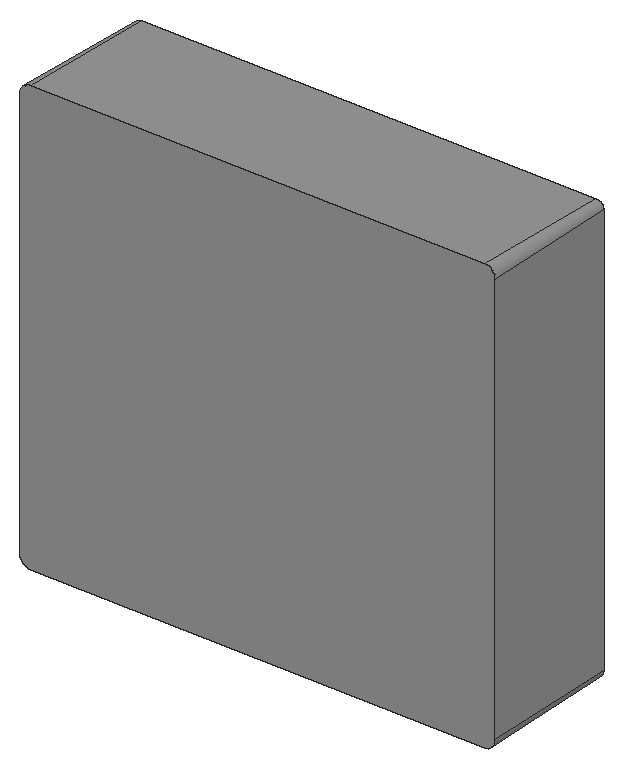
Revit family "L&L_LUCE&LIGHT_PASITO_1.2", category Lighting Fixtures, host Wall, Revit 2018 (continued)
Types (2, lengths in mm): name | Photometric Web File | built-in parameter 1150142
    12.66 12.30 11.96 11.66 \r\n11.42 11.19 10.93 10.66 10.39 10.15 9.90 9.64 9.39 9.12 \r\n8.84 8.63 8.36 8.10 7.84 7.61 7.36 7.09 6.87 6.63 6.40 \r\n6.17 5.94 5.69 5.46 5.24 5.00 4.79 4.58 4.37 4.17 3.96 \r\n3.75 3.56 3.38 3.19 3.01 2.83 2.65 2.46 2.27 2.11 1.95 \r\n1.80 1.64 1.50 1.34 1.19 1.06 0.92 0.77 0.64 0.52 0.39 \r\n0.27 0.16 0.07 0.02 \r\n0.07 0.10 0.45 1.13 1.65 2.11 3.16 4.92 7.07 9.75 12.92 \r\n16.95 21.72 27.49 34.75 42.94 52.75 63.21 72.53 79.69 \r\n84.99 88.79 92.43 96.40 100.11 103.94 107.86 111.52 \r\n115.13 118.94 122.31 125.80 129.37 132.67 136.04 138.91 \r\n141.84 144.85 147.40 149.56 151.93 154.03 155.70 157.36 \r\n159.01 160.37 161.51 162.53 163.43 164.07 164.51 164.72 \r\n164.72 164.50 164.14 163.61 162.85 161.86 160.70 159.24 \r\n157.54 155.69 153.57 151.11 148.33 145.25 141.83 138.09 \r\n133.92 129.34 124.34 118.89 113.02 106.85 100.40 93.81 \r\n87.25 80.83 74.67 68.94 63.70 58.94 54.67 50.85 47.48 \r\n44.48 41.80 39.41 37.28 35.37 33.65 32.09 30.67 29.35 \r\n28.11 26.95 25.85 24.82 23.87 23.00 22.19 21.45 20.75 \r\n20.10 19.51 18.96 18.46 17.99 17.53 17.11 16.74 16.39 \r\n16.04 15.72 15.42 15.13 14.84 14.50 14.07 13.61 13.20 \r\n12.81 12.45 12.13 11.85 11.62 11.36 11.07 10.80 10.53 \r\n10.29 10.06 9.74 9.47 9.21 8.94 8.70 8.37 8.14 7.89 7.61 \r\n7.36 7.10 6.85 6.62 6.37 6.10 5.89 5.64 5.37 5.12 4.92 \r\n4.69 4.44 4.23 4.04 3.82 3.61 3.42 3.20 3.01 2.84 2.65 \r\n2.45 2.26 2.09 1.92 1.76 1.60 1.43 1.27 1.12 0.97 0.81 \r\n0.67 0.54 0.41 0.28 0.17 0.07 0.02 \r\n0.07 0.09 0.49 1.20 1.71 2.23 3.52 5.47 7.86 10.85 14.51 \r\n19.18 24.53 31.53 39.85 49.51 60.50 70.82 79.24 85.44 \r\n89.67 93.63 98.09 102.13 106.25 110.65 114.89 119.13 \r\n123.32 127.19 131.37 135.46 139.35 143.07 146.76 150.42 \r\n153.78 156.92 159.97 162.82 165.33 167.68 169.83 171.66 \r\n173.50 175.10 176.25 177.24 178.20 178.88 179.15 179.37 \r\n179.41 179.18 178.72 178.09 177.25 176.13 174.78 173.24 \r\n171.49 169.51 167.21 164.59 161.64 158.25 154.45 150.17 \r\n145.40 140.17 134.40 128.12 121.44 114.49 107.19 99.72 \r\n92.42 85.41 78.75 72.63 67.01 61.87 57.29 53.25 49.65 \r\n46.46 43.61 41.07 38.81 36.79 34.97 33.32 31.82 30.45 \r\n29.18 27.95 26.77 25.69 24.73 23.84 22.99 22.22 21.52 \r\n20.86 20.26 19.70 19.16 18.67 18.23 17.82 17.42 17.05 \r\n16.72 16.39 16.07 15.76 15.48 15.20 14.85 14.40 13.95 \r\n13.55 13.16 12.79 12.48 12.16 11.90 11.66 11.35 11.08 \r\n10.82 10.53 10.28 9.99 9.70 9.46 9.14 8.91 8.59 8.31 8.06 \r\n7.76 7.55 7.20 6.99 6.72 6.46 6.22 5.95 5.69 5.48 5.16 \r\n4.95 4.73 4.47 4.23 4.03 3.83 3.62 3.41 3.18 2.99 2.81 \r\n2.60 2.40 2.21 2.03 1.86 1.68 1.51 1.34 1.17 1.01 0.85 \r\n0.69 0.56 0.43 0.30 0.18 0.07 0.02 \r\n0.07 0.09 0.52 1.26 1.75 2.38 3.84 5.89 8.49 11.78 15.95 \r\n20.95 27.10 35.03 44.40 55.27 66.44 76.63 84.20 89.18 \r\n93.56 98.21 102.79 107.16 111.90 116.63 121.20 125.81 \r\n130.32 134.94 139.63 143.63 148.04 152.43 156.30 160.27 \r\n164.14 167.45 170.66 173.81 176.58 179.22 181.47 183.52 \r\n185.11 186.44 187.60 188.47 189.03 189.37 189.45 189.30 \r\n188.97 188.42 187.69 186.73 185.58 184.24 182.70 181.03 \r\n179.06 176.77 174.31 171.58 168.42 164.79 160.76 156.26 \r\n151.20 145.63 139.49 132.73 125.71 118.27 110.58 102.93 \r\n95.41 88.09 81.24 74.92 69.06 63.82 59.15 54.97 51.26 \r\n47.94 44.98 42.34 39.98 37.87 35.99 34.29 32.74 31.32 \r\n29.98 28.71 27.51 26.42 25.42 24.50 23.64 22.87 22.14 \r\n21.46 20.85 20.29 19.74 19.24 18.78 18.35 17.96 17.59 \r\n17.25 16.92 16.60 16.29 15.98 15.70 15.42 15.06 14.58 \r\n14.12 13.74 13.33 12.96 12.69 12.38 12.09 11.84 11.51 \r\n11.25 10.98 10.67 10.45 10.12 9.82 9.59 9.24 9.00 8.69 \r\n8.40 8.12 7.84 7.59 7.27 7.02 6.76 6.49 6.21 5.99 5.67 \r\n5.45 5.17 4.92 4.70 4.46 4.19 3.99 3.79 3.57 3.35 3.13 \r\n2.92 2.72 2.51 2.31 2.11 1.93 1.74 1.56 1.38 1.21 1.05 \r\n0.88 0.71 0.58 0.45 0.31 0.18 0.07 0.02 \r\n0.07 0.09 0.54 1.31 1.78 2.47 4.08 6.20 9.01 12.53 17.01 \r\n22.28 29.15 37.60 47.81 59.24 70.75 80.65 87.23 92.07 \r\n96.90 101.80 106.68 111.50 116.61 121.39 126.22 131.30 \r\n136.30 141.12 145.66 150.54 155.28 159.62 164.07 168.18 \r\n172.12 175.94 179.40 182.51 185.31 187.80 189.94 191.72 \r\n193.17 194.10 194.86 195.25 195.31 195.13 194.71 194.03 \r\n193.19 192.18 190.91 189.47 187.90 186.16 184.21 182.09 \r\n179.69 177.29 174.56 171.47 168.20 164.60 160.48 155.75 \r\n150.75 145.34 139.05 132.55 125.52 118.12 110.90 103.39 \r\n95.85 88.72 81.88 75.73 69.95 64.82 60.13 55.85 52.17 \r\n48.86 45.82 43.16 40.76 38.61 36.71 34.96 33.38 31.93 \r\n30.57 29.27 28.04 26.93 25.93 24.99 24.11 23.32 22.59 \r\n21.92 21.27 20.69 20.17 19.68 19.21 18.77 18.35 17.99 \r\n17.65 17.32 16.99 16.68 16.37 16.08 15.83 15.53 15.08 \r\n14.60 14.18 13.80 13.36 13.03 12.78 12.43 12.18 11.91 \r\n11.54 11.32 11.02 10.70 10.49 10.09 9.85 9.58 9.24 9.00 \r\n8.66 8.39 8.10 7.83 7.54 7.23 7.01 6.70 6.47 6.15 5.94 \r\n5.63 5.37 5.12 4.84 4.64 4.37 4.11 3.91 3.70 3.47 3.25 \r\n3.02 2.81 2.59 2.38 2.17 1.97 1.78 1.60 1.41 1.23 1.07 \r\n0.90 0.73 0.59 0.46 0.32 0.19 0.08 0.02 \r\n0.07 0.09 0.55 1.34 1.79 2.52 4.22 6.36 9.32 12.98 17.65 \r\n23.19 30.53 39.18 49.97 61.63 73.48 82.97 89.17 94.25 \r\n99.14 104.33 109.56 114.64 119.81 124.81 129.99 135.47 \r\n140.39 145.36 150.58 155.44 160.32 165.14 169.71 173.91 \r\n177.93 181.72 185.11 188.18 190.91 193.22 195.02 196.56 \r\n197.70 198.31 198.54 198.48 198.07 197.27 196.35 195.11 \r\n193.69 191.92 190.19 188.23 186.20 184.08 181.78 179.33 \r\n176.61 173.84 170.96 167.71 164.15 160.26 156.29 151.74 \r\n146.71 141.49 135.70 129.47 123.01 116.06 108.95 101.82 \r\n94.82 88.13 81.62 75.69 69.96 65.01 60.45 56.19 52.53 \r\n49.12 46.20 43.56 41.19 39.01 37.11 35.35 33.79 32.33 \r\n30.97 29.66 28.45 27.30 26.25 25.31 24.44 23.65 22.92 \r\n22.25 21.59 21.01 20.49 19.97 19.50 19.05 18.65 18.28 \r\n17.92 17.58 17.27 16.94 16.64 16.35 16.06 15.81 15.45 \r\n14.94 14.47 14.11 13.71 13.27 13.03 12.73 12.40 12.18 \r\n11.82 11.52 11.31 10.93 10.68 10.38 10.04 9.82 9.45 9.19 \r\n8.89 8.57 8.32 8.00 7.76 7.42 7.16 6.89 6.62 6.35 6.06 \r\n5.81 5.50 5.23 4.97 4.72 4.49 4.22 3.98 3.77 3.53 3.31 \r\n3.08 2.85 2.63 2.41 2.20 2.00 1.81 1.62 1.43 1.25 1.08 \r\n0.92 0.74 0.59 0.47 0.32 0.19 0.08 0.02 \r\n0.07 0.08 0.55 1.35 1.79 2.52 4.26 6.38 9.44 13.12 17.85 \r\n23.53 31.06 39.56 50.70 62.55 74.80 84.13 90.39 95.54 \r\n100.50 105.92 111.32 116.35 121.73 127.08 132.30 137.89 \r\n142.95 148.48 153.61 158.64 163.87 168.69 173.48 177.62 \r\n181.67 185.32 188.86 191.67 194.12 196.29 197.79 198.93 \r\n199.61 199.89 199.74 199.18 198.34 197.14 195.65 194.19 \r\n192.41 190.38 188.10 185.72 183.44 180.95 178.38 175.71 \r\n172.79 169.88 166.73 163.49 159.92 155.97 151.80 147.40 \r\n142.68 137.54 132.32 126.25 120.18 113.79 107.01 100.22 \r\n93.71 87.43 81.20 75.18 69.78 65.06 60.52 56.53 52.83 \r\n49.43 46.53 43.87 41.40 39.24 37.31 35.58 33.99 32.56 \r\n31.21 29.89 28.69 27.58 26.56 25.61 24.72 23.92 23.13 \r\n22.48 21.82 21.22 20.69 20.18 19.68 19.26 18.86 18.47 \r\n18.13 17.78 17.47 17.16 16.84 16.52 16.24 16.00 15.67 \r\n15.20 14.73 14.32 13.94 13.49 13.17 12.92 12.55 12.32 \r\n12.04 11.65 11.43 11.12 10.80 10.56 10.21 9.94 9.64 9.30 \r\n9.05 8.69 8.45 8.12 7.84 7.53 7.24 6.97 6.69 6.42 6.14 \r\n5.85 5.60 5.26 5.04 4.76 4.50 4.28 4.03 3.78 3.55 3.33 \r\n3.10 2.88 2.65 2.43 2.22 2.01 1.81 1.64 1.44 1.26 1.09 \r\n0.93 0.75 0.60 0.47 0.32 0.20 0.08 0.02 \r\n0.07 0.08 0.54 1.35 1.78 2.49 4.21 6.27 9.35 12.98 17.63 \r\n23.32 30.79 38.89 50.10 62.01 74.64 84.25 90.90 96.06 \r\n101.06 106.56 112.06 116.92 122.56 128.22 133.14 138.82 \r\n144.51 150.21 155.11 160.68 165.72 170.60 175.53 180.20 \r\n184.04 188.06 191.61 194.41 197.16 199.42 200.99 202.21 \r\n202.92 203.18 203.02 202.43 201.49 200.17 198.57 196.82 \r\n194.78 192.80 190.39 187.95 185.52 182.83 180.20 177.14 \r\n174.49 171.28 167.83 164.44 160.93 157.07 152.86 149.03 \r\n144.33 139.35 134.63 128.85 122.62 116.14 110.25 103.43 \r\n96.64 90.88 84.55 78.53 73.20 67.91 63.38 59.33 55.59 \r\n52.05 48.83 46.30 43.66 41.41 37.31 36.14 34.65 33.14 \r\n31.69 30.29 29.10 27.96 26.87 25.86 25.05 24.19 23.41 \r\n22.70 21.99 21.41 20.91 20.34 19.87 19.42 19.04 18.62 \r\n18.27 17.93 17.63 17.30 16.97 16.70 16.40 16.13 15.82 \r\n15.28 14.81 14.41 14.05 13.58 13.29 13.04 12.65 12.43 \r\n12.06 11.76 11.56 11.15 10.89 10.65 10.23 10.02 9.68 9.35 \r\n9.10 8.71 8.50 8.12 7.90 7.49 7.29 6.96 6.72 6.41 6.18 \r\n5.84 5.62 5.26 5.05 4.78 4.49 4.29 4.05 3.78 3.55 3.33 \r\n3.10 2.88 2.65 2.43 2.22 2.01 1.81 1.64 1.44 1.26 1.10 \r\n0.93 0.75 0.60 0.47 0.33 0.20 0.08 0.02 \r\n0.07 0.08 0.55 1.35 1.79 2.52 4.26 6.38 9.44 13.12 17.85 \r\n23.53 31.06 39.56 50.70 62.55 74.80 84.13 90.39 95.54 \r\n100.50 105.92 111.32 116.35 121.73 127.08 132.30 137.89 \r\n142.95 148.48 153.61 158.64 163.87 168.69 173.48 177.62 \r\n181.67 185.32 188.86 191.67 194.12 196.29 197.79 198.93 \r\n199.61 199.89 199.74 199.18 198.34 197.14 195.65 194.19 \r\n192.41 190.38 188.10 185.72 183.44 180.95 178.38 175.71 \r\n172.79 169.88 166.73 163.49 159.92 155.97 151.80 147.40 \r\n142.68 137.54 132.32 126.25 120.18 113.79 107.01 100.22 \r\n93.71 87.43 81.20 75.18 69.78 65.06 60.52 56.53 52.83 \r\n49.43 46.53 43.87 41.40 39.24 37.31 35.58 33.99 32.56 \r\n31.21 29.89 28.69 27.58 26.56 25.61 24.72 23.92 23.13 \r\n22.48 21.82 21.22 20.69 20.18 19.68 19.26 18.86 18.47 \r\n18.13 17.78 17.47 17.16 16.84 16.52 16.24 16.00 15.67 \r\n15.20 14.73 14.32 13.94 13.49 13.17 12.92 12.55 12.32 \r\n12.04 11.65 11.43 11.12 10.80 10.56 10.21 9.94 9.64 9.30 \r\n9.05 8.69 8.45 8.12 7.84 7.53 7.24 6.97 6.69 6.42 6.14 \r\n5.85 5.60 5.26 5.04 4.76 4.50 4.28 4.03 3.78 3.55 3.33 \r\n3.10 2.88 2.65 2.43 2.22 2.01 1.81 1.64 1.44 1.26 1.09 \r\n0.93 0.75 0.60 0.47 0.32 0.20 0.08 0.02 \r\n0.07 0.09 0.55 1.34 1.79 2.52 4.22 6.36 9.32 12.98 17.65 \r\n23.19 30.53 39.18 49.97 61.63 73.48 82.97 89.17 94.25 \r\n99.14 104.33 109.56 114.64 119.81 124.81 129.99 135.47 \r\n140.39 145.36 150.58 155.44 160.32 165.14 169.71 173.91 \r\n177.93 181.72 185.11 188.18 190.91 193.22 195.02 196.56 \r\n197.70 198.31 198.54 198.48 198.07 197.27 196.35 195.11 \r\n193.69 191.92 190.19 188.23 186.20 184.08 181.78 179.33 \r\n176.61 173.84 170.96 167.71 164.15 160.26 156.29 151.74 \r\n146.71 141.49 135.70 129.47 123.01 116.06 108.95 101.82 \r\n94.82 88.13 81.62 75.69 69.96 65.01 60.45 56.19 52.53 \r\n49.12 46.20 43.56 41.19 39.01 37.11 35.35 33.79 32.33 \r\n30.97 29.66 28.45 27.30 26.25 25.31 24.44 23.65 22.92 \r\n22.25 21.59 21.01 20.49 19.97 19.50 19.05 18.65 18.28 \r\n17.92 17.58 17.27 16.94 16.64 16.35 16.06 15.81 15.45 \r\n14.94 14.47 14.11 13.71 13.27 13.03 12.73 12.40 12.18 \r\n11.82 11.52 11.31 10.93 10.68 10.38 10.04 9.82 9.45 9.19 \r\n8.89 8.57 8.32 8.00 7.76 7.42 7.16 6.89 6.62 6.35 6.06 \r\n5.81 5.50 5.23 4.97 4.72 4.49 4.22 3.98 3.77 3.53 3.31 \r\n3.08 2.85 2.63 2.41 2.20 2.00 1.81 1.62 1.43 1.25 1.08 \r\n0.92 0.74 0.59 0.47 0.32 0.19 0.08 0.02 \r\n0.07 0.09 0.54 1.31 1.78 2.47 4.08 6.20 9.01 12.53 17.01 \r\n22.28 29.15 37.60 47.81 59.24 70.75 80.65 87.23 92.07 \r\n96.90 101.80 106.68 111.50 116.61 121.39 126.22 131.30 \r\n136.30 141.12 145.66 150.54 155.28 159.62 164.07 168.18 \r\n172.12 175.94 179.40 182.51 185.31 187.80 189.94 191.72 \r\n193.17 194.10 194.86 195.25 195.31 195.13 194.71 194.03 \r\n193.19 192.18 190.91 189.47 187.90 186.16 184.21 182.09 \r\n179.69 177.29 174.56 171.47 168.20 164.60 160.48 155.75 \r\n150.75 145.34 139.05 132.55 125.52 118.12 110.90 103.39 \r\n95.85 88.72 81.88 75.73 69.95 64.82 60.13 55.85 52.17 \r\n48.86 45.82 43.16 40.76 38.61 36.71 34.96 33.38 31.93 \r\n30.57 29.27 28.04 26.93 25.93 24.99 24.11 23.32 22.59 \r\n21.92 21.27 20.69 20.17 19.68 19.21 18.77 18.35 17.99 \r\n17.65 17.32 16.99 16.68 16.37 16.08 15.83 15.53 15.08 \r\n14.60 14.18 13.80 13.36 13.03 12.78 12.43 12.18 11.91 \r\n11.54 11.32 11.02 10.70 10.49 10.09 9.85 9.58 9.24 9.00 \r\n8.66 8.39 8.10 7.83 7.54 7.23 7.01 6.70 6.47 6.15 5.94 \r\n5.63 5.37 5.12 4.84 4.64 4.37 4.11 3.91 3.70 3.47 3.25 \r\n3.02 2.81 2.59 2.38 2.17 1.97 1.78 1.60 1.41 1.23 1.07 \r\n0.90 0.73 0.59 0.46 0.32 0.19 0.08 0.02 \r\n0.07 0.09 0.52 1.26 1.75 2.38 3.84 5.89 8.49 11.78 15.95 \r\n20.95 27.10 35.03 44.40 55.27 66.44 76.63 84.20 89.18 \r\n93.56 98.21 102.79 107.16 111.90 116.63 121.20 125.81 \r\n130.32 134.94 139.63 143.63 148.04 152.43 156.30 160.27 \r\n164.14 167.45 170.66 173.81 176.58 179.22 181.47 183.52 \r\n185.11 186.44 187.60 188.47 189.03 189.37 189.45 189.30 \r\n188.97 188.42 187.69 186.73 185.58 184.24 182.70 181.03 \r\n179.06 176.77 174.31 171.58 168.42 164.79 160.76 156.26 \r\n151.20 145.63 139.49 132.73 125.71 118.27 110.58 102.93 \r\n95.41 88.09 81.24 74.92 69.06 63.82 59.15 54.97 51.26 \r\n47.94 44.98 42.34 39.98 37.87 35.99 34.29 32.74 31.32 \r\n29.98 28.71 27.51 26.42 25.42 24.50 23.64 22.87 22.14 \r\n21.46 20.85 20.29 19.74 19.24 18.78 18.35 17.96 17.59 \r\n17.25 16.92 16.60 16.29 15.98 15.70 15.42 15.06 14.58 \r\n14.12 13.74 13.33 12.96 12.69 12.38 12.09 11.84 11.51 \r\n11.25 10.98 10.67 10.45 10.12 9.82 9.59 9.24 9.00 8.69 \r\n8.40 8.12 7.84 7.59 7.27 7.02 6.76 6.49 6.21 5.99 5.67 \r\n5.45 5.17 4.92 4.70 4.46 4.19 3.99 3.79 3.57 3.35 3.13 \r\n2.92 2.72 2.51 2.31 2.11 1.93 1.74 1.56 1.38 1.21 1.05 \r\n0.88 0.71 0.58 0.45 0.31 0.18 0.07 0.02 \r\n0.07 0.09 0.49 1.20 1.71 2.23 3.52 5.47 7.86 10.85 14.51 \r\n19.18 24.53 31.53 39.85 49.51 60.50 70.82 79.24 85.44 \r\n89.67 93.63 98.09 102.13 106.25 110.65 114.89 119.13 \r\n123.32 127.19 131.37 135.46 139.35 143.07 146.76 150.42 \r\n153.78 156.92 159.97 162.82 165.33 167.68 169.83 171.66 \r\n173.50 175.10 176.25 177.24 178.20 178.88 179.15 179.37 \r\n179.41 179.18 178.72 178.09 177.25 176.13 174.78 173.24 \r\n171.49 169.51 167.21 164.59 161.64 158.25 154.45 150.17 \r\n145.40 140.17 134.40 128.12 121.44 114.49 107.19 99.72 \r\n92.42 85.41 78.75 72.63 67.01 61.87 57.29 53.25 49.65 \r\n46.46 43.61 41.07 38.81 36.79 34.97 33.32 31.82 30.45 \r\n29.18 27.95 26.77 25.69 24.73 23.84 22.99 22.22 21.52 \r\n20.86 20.26 19.70 19.16 18.67 18.23 17.82 17.42 17.05 \r\n16.72 16.39 16.07 15.76 15.48 15.20 14.85 14.40 13.95 \r\n13.55 13.16 12.79 12.48 12.16 11.90 11.66 11.35 11.08 \r\n10.82 10.53 10.28 9.99 9.70 9.46 9.14 8.91 8.59 8.31 8.06 \r\n7.76 7.55 7.20 6.99 6.72 6.46 6.22 5.95 5.69 5.48 5.16 \r\n4.95 4.73 4.47 4.23 4.03 3.83 3.62 3.41 3.18 2.99 2.81 \r\n2.60 2.40 2.21 2.03 1.86 1.68 1.51 1.34 1.17 1.01 0.85 \r\n0.69 0.56 0.43 0.30 0.18 0.07 0.02 \r\n0.07 0.10 0.45 1.13 1.65 2.11 3.16 4.92 7.07 9.75 12.92 \r\n16.95 21.72 27.49 34.75 42.94 52.75 63.21 72.53 79.69 \r\n84.99 88.79 92.43 96.40 100.11 103.94 107.86 111.52 \r\n115.13 118.94 122.31 125.80 129.37 132.67 136.04 138.91 \r\n141.84 144.85 147.40 149.56 151.93 154.03 155.70 157.36 \r\n159.01 160.37 161.51 162.53 163.43 164.07 164.51 164.72 \r\n164.72 164.50 164.14 163.61 162.85 161.86 160.70 159.24 \r\n157.54 155.69 153.57 151.11 148.33 145.25 141.83 138.09 \r\n133.92 129.34 124.34 118.89 113.02 106.85 100.40 93.81 \r\n87.25 80.83 74.67 68.94 63.70 58.94 54.67 50.85 47.48 \r\n44.48 41.80 39.41 37.28 35.37 33.65 32.09 30.67 29.35 \r\n28.11 26.95 25.85 24.82 23.87 23.00 22.19 21.45 20.75 \r\n20.10 19.51 18.96 18.46 17.99 17.53 17.11 16.74 16.39 \r\n16.04 15.72 15.42 15.13 14.84 14.50 14.07 13.61 13.20 \r\n12.81 12.45 12.13 11.85 11.62 11.36 11.07 10.80 10.53 \r\n10.29 10.06 9.74 9.47 9.21 8.94 8.70 8.37 8.14 7.89 7.61 \r\n7.36 7.10 6.85 6.62 6.37 6.10 5.89 5.64 5.37 5.12 4.92 \r\n4.69 4.44 4.23 4.04 3.82 3.61 3.42 3.20 3.01 2.84 2.65 \r\n2.45 2.26 2.09 1.92 1.76 1.60 1.43 1.27 1.12 0.97 0.81 \r\n0.67 0.54 0.41 0.28 0.17 0.07 0.02 \r\n0.07 0.10 0.40 1.04 1.57 1.97 2.77 4.28 6.18 8.50 11.27 \r\n14.44 18.67 23.42 29.25 36.36 44.27 53.50 63.34 72.02 \r\n78.47 83.12 86.53 89.91 93.35 96.62 99.97 103.41 106.65 \r\n109.62 112.63 115.78 118.54 121.39 124.16 126.66 129.14 \r\n131.37 133.58 135.72 137.47 139.02 140.50 141.82 143.01 \r\n144.03 144.83 145.52 146.00 146.39 146.78 146.88 146.76 \r\n146.55 146.14 145.47 144.64 143.71 142.51 141.07 139.54 \r\n137.82 135.79 133.58 131.21 128.53 125.53 122.32 118.87 \r\n115.09 110.98 106.55 101.79 96.70 91.35 85.82 80.24 74.71 \r\n69.37 64.33 59.64 55.35 51.48 48.01 44.91 42.15 39.68 \r\n37.48 35.49 33.72 32.11 30.66 29.31 28.06 26.88 25.76 \r\n24.71 23.73 22.81 21.96 21.19 20.47 19.80 19.17 18.59 \r\n18.06 17.57 17.11 16.68 16.29 15.93 15.58 15.23 14.93 \r\n14.67 14.36 13.98 13.54 13.08 12.66 12.30 11.96 11.66 \r\n11.42 11.19 10.93 10.66 10.39 10.15 9.90 9.64 9.39 9.12 \r\n8.84 8.63 8.36 8.10 7.84 7.61 7.36 7.09 6.87 6.63 6.40 \r\n6.17 5.94 5.69 5.46 5.24 5.00 4.79 4.58 4.37 4.17 3.96 \r\n3.75 3.56 3.38 3.19 3.01 2.83 2.65 2.46 2.27 2.11 1.95 \r\n1.80 1.64
